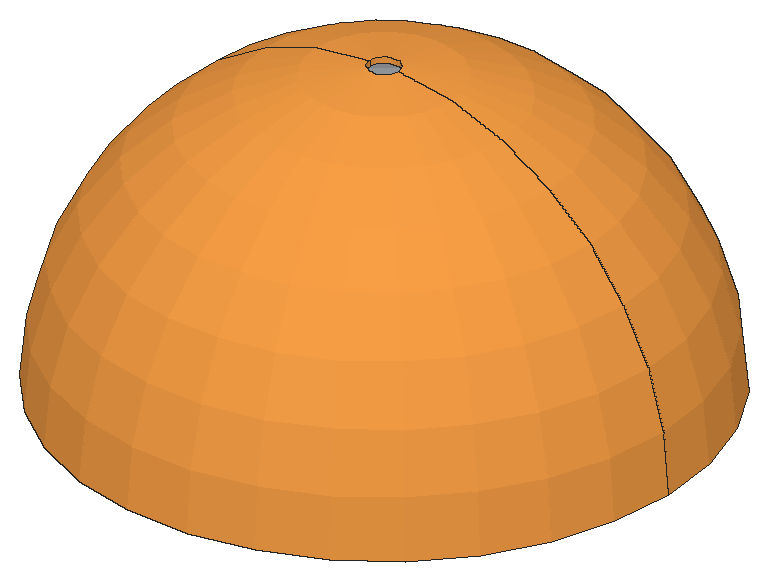
Revit family "HD8 SHADE", category Lighting Fixtures, Revit 2024
Family settings
  Round Connector Dimension = Use Diameter
  Part Type = Normal
  OmniClass Number = 23.80.70.00
  OmniClass Title = Lighting
  Work Plane-Based = No
  Always vertical = Yes
  Cut with Voids When Loaded = No
  Light Source = Yes
  Maintain Annotation Orientation = No
  Shared = No
  Room Calculation Point = No
Parameters
  Wattage = 12.1178 W
  built-in parameter 1150110 = 1 (stored number, unit not read)
  built-in parameter 1114217 = 1 (stored number, unit not read)
  built-in parameter 1150109 = 1 (stored number, unit not read)
  built-in parameter 1150134 = (empty or 0)
  built-in parameter 1150113 = 1 (stored number, unit not read)
  Lumens = 1800 lm
  built-in parameter 1150115 = 1 (stored number, unit not read)
  built-in parameter 1150105 = 572.96 (stored number, unit not read)
  Light Source Symbol Size = 2' - 0"
  built-in parameter 1150137 = (empty or 0)
  built-in parameter 1150139 = (empty or 0)
  built-in parameter 1150112 = 1 (stored number, unit not read)
  built-in parameter 1150114 = 1 (stored number, unit not read)
  built-in parameter 1150132 = 2
  built-in parameter 1150102 = (empty or 0)
  built-in parameter 1150138 = (empty or 0)
  built-in parameter 1150107 = 3000 (stored number, unit not read)
  built-in parameter 1150106 = 5.7296 (stored number, unit not read)
  built-in parameter 1150104 = 13.8 (stored number, unit not read)
  Dimming Lamp Color Temperature Shift = (empty or 0)
  Default Elevation = 0' - 0"
  Color Filter = 16777215
  built-in parameter 1114218 = 1 (stored number, unit not read)
  built-in parameter 1150133 = 10 (stored number, unit not read)
Reference planes (in)
  plane 1 "Light Source Axis (F/B)": y = 0
  plane 2: z = 0
  plane 3 "Light Source Axis (L/R)": x = 0
  plane 4 "Light Source Elevation": z = 54
Forms (in)
  Revolve 1, solid
    sketch origin (0, 0, 0) x (1, 0, 0) y (0, 0, 1)
      loop
        arc (-0.25, 58.99375) -> (-3.62284, 57.44601) -> (-5, 54) r 5
        line (-5, 54) -> (-4.90625, 54)
        arc (-4.90625, 54) -> (-3.55653, 57.3797) -> (-0.25, 58.89988) r 4.90625
        line (-0.25, 58.89988) -> (-0.25, 58.99375)
      axis (0, 58.99375) -> (0, 54)
    angle from 0 to 360
Dimensions and locks (in)
  aligned and locked: plane 3 "Light Source Axis (L/R)" to imposter light
  aligned and locked: plane 1 "Light Source Axis (F/B)" to imposter light
  aligned and locked: plane 4 "Light Source Elevation" to imposter light
  aligned and locked: level to plane 2
